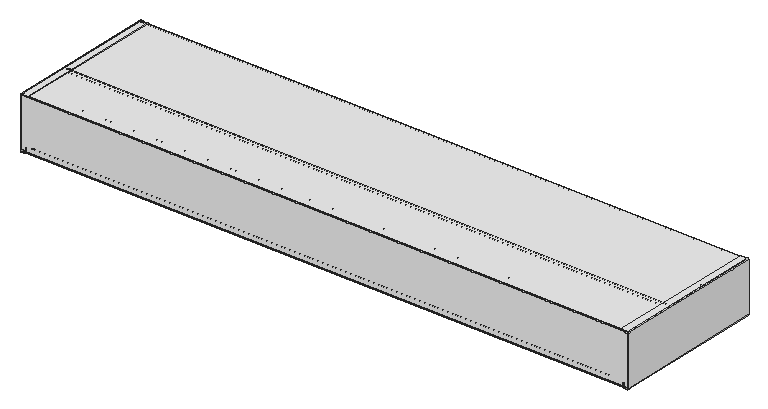
Revit family "LSTF 1x4", category Lighting Fixtures, host Ceiling, Revit 2019
Family settings
  Host = Ceiling
  Round Connector Dimension = Use Diameter
  Part Type = Normal
  OmniClass Number = 23.80.70.11.14.17
  OmniClass Title = Direct/Indirect
  Always vertical = Yes
  Cut with Voids When Loaded = No
  Light Source = Yes
  Shared = No
  Room Calculation Point = No
Parameters (values of type "LSTF1X4-LED840K050LUNV")
  Width = 0' - 11 3/4"
  Wattage = 378 W
  built-in parameter 1150110 = 1 (stored number, unit not read)
  Voltage = 120 V
  URL = "https://www.viscor.com/en/products/lstf"
  built-in parameter 1114217 = 0.9 (stored number, unit not read)
  Tilt Angle = 90.00°
  built-in parameter 1150109 = 1 (stored number, unit not read)
  built-in parameter 1150134 = 12
  built-in parameter 1150113 = 1 (stored number, unit not read)
  Reflector Width = Width / 2  # 0' - 5 7/8"
  Photometric Web File = "LSTF1X4-LED840K050LUNV.IES"
  Model = "LSTF"  # constant formula
  Manufacturer = "VISIONEERING by VISCOR"  # constant formula
  Lumens = 53298 lm
  built-in parameter 1150115 = 1 (stored number, unit not read)
  built-in parameter 1150105 = 4241.3 (stored number, unit not read)
  built-in parameter 1150137 = (empty or 0)
  built-in parameter 1150139 = (empty or 0)
  Lens Finish = Acrylic - Viscor - Frosted Ribbed Linear Extruded
  Length = 3' - 11 3/4"
  Lamp Wattage = 37 VA
  built-in parameter 1150112 = 1 (stored number, unit not read)
  built-in parameter 1150114 = 1 (stored number, unit not read)
  Lamp = "LED"  # constant formula
  built-in parameter 1150132 = (empty or 0)
  built-in parameter 1150102 = (empty or 0)
  built-in parameter 1150138 = (empty or 0)
  built-in parameter 1150107 = 4000 (stored number, unit not read)
  built-in parameter 1150106 = 42.413 (stored number, unit not read)
  Housing Finish = Metal - Viscor - White
  Emit from Rectangle Width = Width  # 0' - 11 3/4"
  Emit from Rectangle Length = Length  # 3' - 11 3/4"
  Emit Shape Visible in Rendering = no
  built-in parameter 1150104 = 13.099 (stored number, unit not read)
  Dimming Lamp Color Temperature Shift = <None>
  Description = "LED Surface Type F"  # constant formula
  Color Filter = 16777215
  built-in parameter 1114218 = 1 (stored number, unit not read)
  built-in parameter 1150133 = 10 (stored number, unit not read)
  Assembly Code = "D5020200"
  Apparent Load = Lamp Wattage  # 37 VA
Types (3): name | Wattage | Photometric Web File | Lumens | built-in parameter 1150105 | Lamp Wattage | built-in parameter 1150106 | built-in parameter 1150104 | Apparent Load
  (no name) | 378 W | "LSTF1X4-LED840K050LUNV.IES" | 53298 lm | 4241.3 (stored number, unit not read) | 37 VA | 42.413 (stored number, unit not read) | 13.099 (stored number, unit not read) | 37 VA
  LSTF1x4-LED840K038LUNV | 28 W | "LSTF1X4-LED840K038LUNV.IES" | 3836 lm | 305.26 (stored number, unit not read) | 28 VA | 3.0526 (stored number, unit not read) | 12.728 (stored number, unit not read) | 28 VA
  LSTF1X4-LED840K050LUNV | 378 W | "LSTF1X4-LED840K050LUNV.IES" | 53298 lm | 4241.3 (stored number, unit not read) | 37 VA | 42.413 (stored number, unit not read) | 13.099 (stored number, unit not read) | 37 VA
Reference planes (in)
  plane 1 "Light Source Axis (F/B)": y = 0
  plane 2 "Ceiling": z = 96
  plane 3 "Light Source Axis (L/R)": x = 0
  plane 4 "Light Source Elevation": z = 91.71875
  plane 5: y = 5.875
  plane 6: y = -5.875
  plane 7: x = -23.875
  plane 8: x = 23.875
  plane 9: x = -23.8125
  plane 10: x = 23.8125
  plane 11 "FixtureHeight": z = 91.845
  plane 12: x = -23.625
  plane 13: x = 23.625
  plane 14: y = 5.438
  plane 15: y = -5.438
  plane 16: x = -23.438
  plane 17: x = 23.438
Forms (in)
  Extrusion 1, solid, material "Metal - Viscor - White" <- "Housing Finish"
    sketch origin (0, 0, 0) x (1, 0, 0) y (0, 0, 1)
      loop
        line (-23.806, 91.845) -> (-23.507, 91.845)
        arc (-23.507, 91.845) -> (-23.45821, 91.86521) -> (-23.438, 91.914) r 0.069
        line (-23.438, 91.914) -> (-23.438, 92.189) -> (-23.46925, 92.189) -> (-23.46925, 91.914)
        arc (-23.46925, 91.914) -> (-23.48031, 91.88731) -> (-23.507, 91.87625) r 0.03775
        line (-23.507, 91.87625) -> (-23.806, 91.87625)
        arc (-23.806, 91.87625) -> (-23.83269, 91.88731) -> (-23.84375, 91.914) r 0.03775
        line (-23.84375, 91.914) -> (-23.84375, 95.838)
        arc (-23.84375, 95.838) -> (-23.83269, 95.86469) -> (-23.806, 95.87575) r 0.03775
        line (-23.806, 95.87575) -> (-23.25, 95.87575) -> (-23.25, 95.907) -> (-23.806, 95.907)
        arc (-23.806, 95.907) -> (-23.85479, 95.88679) -> (-23.875, 95.838) r 0.069
        line (-23.875, 95.838) -> (-23.875, 91.914)
        arc (-23.875, 91.914) -> (-23.85479, 91.86521) -> (-23.806, 91.845) r 0.069
    from -5.875 to 5.875
  Extrusion 2, solid, material "Metal - Viscor - White" <- "Housing Finish"
    sketch origin (0, 0, 0) x (-1, 0, 0) y (0, 0, -1)
      loop
        arc (-23.806, -91.845) -> (-23.85479, -91.86521) -> (-23.875, -91.914) r 0.069
        line (-23.875, -91.914) -> (-23.875, -95.838)
        arc (-23.875, -95.838) -> (-23.85479, -95.88679) -> (-23.806, -95.907) r 0.069
        line (-23.806, -95.907) -> (-23.25, -95.907) -> (-23.25, -95.87575) -> (-23.806, -95.87575)
        arc (-23.806, -95.87575) -> (-23.83269, -95.86469) -> (-23.84375, -95.838) r 0.03775
        line (-23.84375, -95.838) -> (-23.84375, -91.914)
        arc (-23.84375, -91.914) -> (-23.83269, -91.88731) -> (-23.806, -91.87625) r 0.03775
        line (-23.806, -91.87625) -> (-23.507, -91.87625)
        arc (-23.507, -91.87625) -> (-23.48031, -91.88731) -> (-23.46925, -91.914) r 0.03775
        line (-23.46925, -91.914) -> (-23.46925, -92.189) -> (-23.438, -92.189) -> (-23.438, -91.914)
        arc (-23.438, -91.914) -> (-23.45821, -91.86521) -> (-23.507, -91.845) r 0.069
        line (-23.507, -91.845) -> (-23.806, -91.845)
    from -5.875 to 5.875
  Extrusion 3, solid, material "Metal - Viscor - White" <- "Housing Finish"
    sketch origin (0, 0, 0) x (0, 1, 0) y (0, 0, 1)
      loop
        line (5.50687, 91.875) -> (5.80687, 91.875)
        arc (5.80687, 91.875) -> (5.85163, 91.89149) -> (5.875, 91.93306) r 0.069
        line (5.875, 91.93306) -> (5.875, 95.81694)
        arc (5.875, 95.81694) -> (5.85163, 95.85851) -> (5.80687, 95.875) r 0.069
        line (5.80687, 95.875) -> (-5.80513, 95.875)
        arc (-5.80513, 95.875) -> (-5.85392, 95.85479) -> (-5.87413, 95.806) r 0.069
        line (-5.87413, 95.806) -> (-5.875, 91.944)
        arc (-5.875, 91.944) -> (-5.85392, 91.89521) -> (-5.80513, 91.875) r 0.069
        line (-5.80513, 91.875) -> (-5.50513, 91.875)
        arc (-5.50513, 91.875) -> (-5.45634, 91.89521) -> (-5.43613, 91.944) r 0.069
        line (-5.43613, 91.944) -> (-5.43613, 92.616)
        arc (-5.43613, 92.616) -> (-5.4247, 92.64358) -> (-5.39713, 92.655) r 0.039
        line (-5.39713, 92.655) -> (-4.85013, 92.655) -> (-4.85013, 92.68625) -> (-5.39713, 92.68625)
        arc (-5.39713, 92.68625) -> (-5.4468, 92.66567) -> (-5.46738, 92.616) r 0.07025
        line (-5.46738, 92.616) -> (-5.46738, 91.944)
        arc (-5.46738, 91.944) -> (-5.47843, 91.91731) -> (-5.50513, 91.90625) r 0.03775
        line (-5.50513, 91.90625) -> (-5.80513, 91.90625)
        arc (-5.80513, 91.90625) -> (-5.83182, 91.91731) -> (-5.84288, 91.944) r 0.03775
        line (-5.84288, 91.944) -> (-5.84375, 95.80595)
        arc (-5.84375, 95.80595) -> (-5.83179, 95.83261) -> (-5.80513, 95.84365) r 0.0377
        line (-5.80513, 95.84365) -> (5.80666, 95.84365)
        arc (5.80666, 95.84365) -> (5.83318, 95.83267) -> (5.84417, 95.80615) r 0.0375
        line (5.84417, 95.80615) -> (5.84417, 91.94985)
        arc (5.84417, 91.94985) -> (5.83556, 91.91946) -> (5.80687, 91.90625) r 0.03775
        line (5.80687, 91.90625) -> (5.50687, 91.90625)
        arc (5.50687, 91.90625) -> (5.48018, 91.91731) -> (5.46912, 91.944) r 0.03775
        line (5.46912, 91.944) -> (5.46912, 92.616)
        arc (5.46912, 92.616) -> (5.44855, 92.66567) -> (5.39887, 92.68625) r 0.07025
        line (5.39887, 92.68625) -> (4.85188, 92.68625) -> (4.85188, 92.655) -> (5.39887, 92.655)
        arc (5.39887, 92.655) -> (5.42645, 92.64358) -> (5.43787, 92.616) r 0.039
        line (5.43787, 92.616) -> (5.43787, 91.944)
        arc (5.43787, 91.944) -> (5.45808, 91.89521) -> (5.50687, 91.875) r 0.069
    from -23.8125 to 23.8125
  Extrusion 4, solid, material "Metal - Viscor - White" <- "Housing Finish"
    sketch origin (0, 0, 0) x (0, 1, 0) y (0, 0, 1)
      loop
        line (1.93837, 95.845) -> (1.60237, 95.845)
        arc (1.60237, 95.845) -> (1.55358, 95.82479) -> (1.53337, 95.776) r 0.069
        line (1.53337, 95.776) -> (1.53337, 94.509)
        arc (1.53337, 94.509) -> (1.52195, 94.48142) -> (1.49437, 94.47) r 0.039
        line (1.49437, 94.47) -> (-1.49263, 94.47)
        arc (-1.49263, 94.47) -> (-1.5202, 94.48142) -> (-1.53163, 94.509) r 0.039
        line (-1.53163, 94.509) -> (-1.53163, 95.776)
        arc (-1.53163, 95.776) -> (-1.55184, 95.82479) -> (-1.60063, 95.845) r 0.069
        line (-1.60063, 95.845) -> (-1.93663, 95.845) -> (-1.93663, 95.81375) -> (-1.60063, 95.81375)
        arc (-1.60063, 95.81375) -> (-1.57393, 95.80269) -> (-1.56288, 95.776) r 0.03775
        line (-1.56288, 95.776) -> (-1.56288, 94.509)
        arc (-1.56288, 94.509) -> (-1.5423, 94.45933) -> (-1.49263, 94.43875) r 0.07025
        line (-1.49263, 94.43875) -> (1.49437, 94.43875)
        arc (1.49437, 94.43875) -> (1.54405, 94.45933) -> (1.56462, 94.509) r 0.07025
        line (1.56462, 94.509) -> (1.56462, 95.776)
        arc (1.56462, 95.776) -> (1.57568, 95.80269) -> (1.60237, 95.81375) r 0.03775
        line (1.60237, 95.81375) -> (1.93837, 95.81375) -> (1.93837, 95.845)
    from -23.625 to 23.625
  Extrusion 5, solid, material "Metal - Viscor - White" <- "Housing Finish"
    sketch origin (0, 0, 91.845) x (0, 1, 0) y (-1, 0, 0)
      loop
        line (-5.3755, 23.3755) -> (-5.3755, -23.3755) -> (5.3755, -23.3755) -> (5.3755, 23.3755) -> (-5.3755, 23.3755)
      loop
        line (-4.8755, 22.8755) -> (-4.8755, -22.8755) -> (4.8755, -22.8755) -> (4.8755, 22.8755) -> (-4.8755, 22.8755)
    from 0 to 0.4375
  Extrusion 6, solid, material "Metal - Viscor - White" <- "Housing Finish"
    sketch origin (0, 0, 0) x (0, 1, 0) y (0, 0, 1)
      loop
        line (2.4138, 94.398) -> (1.62587, 94.398) -> (1.62587, 93.898) -> (-1.62413, 93.898) -> (-1.62413, 94.398) -> (-2.41206, 94.398) -> (-4.04209, 93.523) -> (-4.94213, 92.273) -> (-4.94213, 91.898) -> (4.94387, 91.898) -> (4.94387, 92.273) -> (4.04383, 93.523) -> (2.4138, 94.398)
    from -23.625 to -23.438
  Extrusion 7, solid, material "Metal - Viscor - White" <- "Housing Finish"
    sketch origin (0, 0, 0) x (0, 1, 0) y (0, 0, -1)
      loop
        line (2.4138, -94.398) -> (4.04383, -93.523) -> (4.94387, -92.273) -> (4.94387, -91.898) -> (-4.94213, -91.898) -> (-4.94213, -92.273) -> (-4.04209, -93.523) -> (-2.41206, -94.398) -> (-1.62413, -94.398) -> (-1.62413, -93.898) -> (1.62587, -93.898) -> (1.62587, -94.398) -> (2.4138, -94.398)
    from -23.625 to -23.438
  Extrusion 8, solid, material "Metal - Viscor - White" <- "Housing Finish"
    sketch origin (0, 0, 0) x (0, 1, 0) y (0, 0, 1)
      loop
        arc (5.27987, 91.875) -> (5.32371, 91.89316) -> (5.34187, 91.937) r 0.062
        line (5.34187, 91.937) -> (5.34187, 92.501)
        arc (5.34187, 92.501) -> (5.32371, 92.54484) -> (5.27987, 92.563) r 0.062
        line (5.27987, 92.563) -> (5.09187, 92.563) -> (5.09187, 92.53175) -> (5.27987, 92.53175)
        arc (5.27987, 92.53175) -> (5.30162, 92.52274) -> (5.31062, 92.501) r 0.03075
        line (5.31062, 92.501) -> (5.31062, 91.937)
        arc (5.31062, 91.937) -> (5.30162, 91.91526) -> (5.27987, 91.90625) r 0.03075
        line (5.27987, 91.90625) -> (4.85845, 91.90625) -> (4.58736, 92.30651)
        arc (4.58736, 92.30651) -> (3.78808, 93.12464) -> (2.75338, 93.61204) r 3.22232
        line (2.75338, 93.61204) -> (2.60873, 93.65079) -> (2.27041, 93.74144)
        arc (2.27041, 93.74144) -> (2.24789, 93.76713) -> (2.263, 93.79778) r 0.03075
        line (2.263, 93.79778) -> (2.47848, 93.92219)
        arc (2.47848, 93.92219) -> (2.51121, 93.96484) -> (2.50419, 94.01815) r 0.07025
        line (2.50419, 94.01815) -> (2.35069, 94.28402) -> (2.32363, 94.26839) -> (2.47713, 94.00252)
        arc (2.47713, 94.00252) -> (2.48103, 93.97293) -> (2.46286, 93.94925) r 0.039
        line (2.46286, 93.94925) -> (2.24737, 93.82484)
        arc (2.24737, 93.82484) -> (2.2169, 93.76305) -> (2.26233, 93.71126) r 0.062
        line (2.26233, 93.71126) -> (2.60064, 93.62061) -> (2.74529, 93.58185)
        arc (2.74529, 93.58185) -> (3.76996, 93.09918) -> (4.56148, 92.28898) r 3.19107
        line (4.56148, 92.28898) -> (4.82343, 91.90223)
        arc (4.82343, 91.90223) -> (4.84571, 91.88223) -> (4.87476, 91.875) r 0.062
        line (4.87476, 91.875) -> (5.27987, 91.875)
    from -23.438 to 23.438
  Extrusion 9, solid, material "Metal - Viscor - White" <- "Housing Finish"
    sketch origin (0, 0, 0) x (0, -1, 0) y (0, 0, -1)
      loop
        line (5.27987, -91.875) -> (4.87476, -91.875)
        arc (4.87476, -91.875) -> (4.84571, -91.88223) -> (4.82343, -91.90223) r 0.062
        line (4.82343, -91.90223) -> (4.56148, -92.28898)
        arc (4.56148, -92.28898) -> (3.76996, -93.09918) -> (2.74529, -93.58185) r 3.19107
        line (2.74529, -93.58185) -> (2.60064, -93.62061) -> (2.26233, -93.71126)
        arc (2.26233, -93.71126) -> (2.2169, -93.76305) -> (2.24737, -93.82484) r 0.062
        line (2.24737, -93.82484) -> (2.46286, -93.94925)
        arc (2.46286, -93.94925) -> (2.48103, -93.97293) -> (2.47713, -94.00252) r 0.039
        line (2.47713, -94.00252) -> (2.32363, -94.26839) -> (2.35069, -94.28402) -> (2.50419, -94.01815)
        arc (2.50419, -94.01815) -> (2.51121, -93.96484) -> (2.47848, -93.92219) r 0.07025
        line (2.47848, -93.92219) -> (2.263, -93.79778)
        arc (2.263, -93.79778) -> (2.24789, -93.76713) -> (2.27041, -93.74144) r 0.03075
        line (2.27041, -93.74144) -> (2.60873, -93.65079) -> (2.75338, -93.61204)
        arc (2.75338, -93.61204) -> (3.78808, -93.12464) -> (4.58736, -92.30651) r 3.22232
        line (4.58736, -92.30651) -> (4.85845, -91.90625) -> (5.27987, -91.90625)
        arc (5.27987, -91.90625) -> (5.30162, -91.91526) -> (5.31062, -91.937) r 0.03075
        line (5.31062, -91.937) -> (5.31062, -92.501)
        arc (5.31062, -92.501) -> (5.30162, -92.52274) -> (5.27987, -92.53175) r 0.03075
        line (5.27987, -92.53175) -> (5.09187, -92.53175) -> (5.09187, -92.563) -> (5.27987, -92.563)
        arc (5.27987, -92.563) -> (5.32371, -92.54484) -> (5.34187, -92.501) r 0.062
        line (5.34187, -92.501) -> (5.34187, -91.937)
        arc (5.34187, -91.937) -> (5.32371, -91.89316) -> (5.27987, -91.875) r 0.062
    from -23.438 to 23.438
  Extrusion 10, solid, material "Acrylic - Viscor - Frosted Ribbed Linear Extruded" <- "Lens Finish"
    sketch origin (0, 0, 0) x (0, 1, 0) y (0, 0, 1)
      loop
        arc (3.03119, 93.05207) -> (2.96284, 93.0122) -> (2.89397, 92.97322) r 6.04712
        line (2.89397, 92.97322) -> (2.51971, 93.71341) -> (2.27583, 93.73104)
        arc (2.27583, 93.73104) -> (2.21547, 93.7759) -> (2.23059, 93.84957) r 0.07
        line (2.23059, 93.84957) -> (2.36975, 93.99322)
        arc (2.36975, 93.99322) -> (2.36907, 94.03564) -> (2.32665, 94.03496) r 0.03
        line (2.32665, 94.03496) -> (2.1875, 93.89131)
        arc (2.1875, 93.89131) -> (2.15942, 93.75451) -> (2.2715, 93.6712) r 0.13
        line (2.2715, 93.6712) -> (2.48382, 93.65585) -> (2.84309, 92.9453)
        arc (2.84309, 92.9453) -> (0.00087, 92.236) -> (-2.84135, 92.9453) r 6.04912
        line (-2.84135, 92.9453) -> (-2.48208, 93.65585) -> (-2.26975, 93.6712)
        arc (-2.26975, 93.6712) -> (-2.15767, 93.75451) -> (-2.18575, 93.89131) r 0.13
        line (-2.18575, 93.89131) -> (-2.32491, 94.03496)
        arc (-2.32491, 94.03496) -> (-2.36733, 94.03564) -> (-2.368, 93.99322) r 0.03
        line (-2.368, 93.99322) -> (-2.22885, 93.84957)
        arc (-2.22885, 93.84957) -> (-2.21373, 93.7759) -> (-2.27408, 93.73104) r 0.07
        line (-2.27408, 93.73104) -> (-2.51797, 93.71341) -> (-2.89222, 92.97322)
        arc (-2.89222, 92.97322) -> (-2.96109, 93.0122) -> (-3.02945, 93.05207) r 6.04712
        arc (-3.02945, 93.05207) -> (-3.07062, 93.04141) -> (-3.05977, 93.00029) r 0.03
        arc (-3.05977, 93.00029) -> (0.00087, 92.178) -> (3.06151, 93.00029) r 6.10712
        arc (3.06151, 93.00029) -> (3.07236, 93.04141) -> (3.03119, 93.05207) r 0.03
    from -23.438 to 23.438
Dimensions and locks (in)
  equal spacing: host sketch curve, plane 3 "Light Source Axis (L/R)", host sketch curve
  equal spacing: host sketch curve, plane 1 "Light Source Axis (F/B)", host sketch curve
  host sketch curve to host sketch curve = 10' - 0"  (x2)
  equal spacing: plane 7, plane 3 "Light Source Axis (L/R)", plane 8
  "Length": plane 7 to plane 8
  equal spacing: plane 5, plane 1 "Light Source Axis (F/B)", plane 6
  "Width": plane 5 to plane 6
  plane 4 "Light Source Elevation" to plane 2 "Ceiling" = 0' - 4 9/32"
  locked: plane 7 to plane 9 at 0.0625
  locked: plane 10 to plane 8 at 0.0625
  locked: plane 2 "Ceiling" to plane 11 "FixtureHeight" at 4.155
  locked: plane 7 to plane 12 at 0.25
  locked: plane 13 to plane 8 at 0.25
  locked: plane 5 to plane 14 at 0.437
  plane 6 to plane 15 to Extrusion 4 = 0' - 0.437", 0' - 3.50137"
  locked: plane 15 to plane 6 at 0.437
  plane 7 to plane 16 to plane 3 "Light Source Axis (L/R)" = 0' - 0.437", 1' - 11.438"
  locked: plane 7 to plane 16 at 0.437
  locked: plane 17 to plane 8 at 0.437
  aligned and locked: plane 3 "Light Source Axis (L/R)" to imposter light
  aligned and locked: plane 1 "Light Source Axis (F/B)" to imposter light
  aligned and locked: plane 4 "Light Source Elevation" to imposter light
  aligned and locked: plane 5 to Extrusion 1
  aligned and locked: Extrusion 1 to plane 6
  aligned and locked: plane 5 to Extrusion 2
  aligned and locked: Extrusion 2 to plane 6
  aligned and locked: Extrusion 3 to plane 9
  aligned and locked: plane 10 to Extrusion 3
  aligned and locked: Extrusion 4 to plane 12
  aligned and locked: plane 13 to Extrusion 4
  aligned and locked: Extrusion 6 to plane 12
  aligned and locked: plane 16 to Extrusion 6
  aligned and locked: plane 13 to Extrusion 7
  aligned and locked: Extrusion 7 to plane 17
  aligned and locked: Extrusion 8 to plane 16
  aligned and locked: plane 17 to Extrusion 8
  aligned and locked: Extrusion 9 to plane 16
  aligned and locked: plane 17 to Extrusion 9
  aligned and locked: plane 17 to Extrusion 10
  aligned and locked: Extrusion 10 to plane 16
Automatic sketch dimensions
  Extrusion 1 sketch curve to Extrusion 1 sketch curve = 0' - 0"  (x6)
  Extrusion 1 sketch curve to plane 7 = 0' - 0"
  Extrusion 1 sketch curve to plane 11 "FixtureHeight" = 0' - 0"
  Extrusion 1 sketch curve to plane 16 = 0' - 0"
  plane 7 to Extrusion 1 sketch curve = 0' - 0 1/32"
  plane 9 to Extrusion 1 sketch curve = 0' - 0.0065"  (x2)
  Extrusion 1 sketch curve to Extrusion 1 sketch curve = 0' - 0.03775"
  plane 16 to Extrusion 1 sketch curve = 0' - 0.188"
  Extrusion 1 sketch curve to Extrusion 1 sketch curve = 0' - 0.275"
  Extrusion 1 sketch curve to plane 2 "Ceiling" = 0' - 0.162"
  Extrusion 2 sketch curve to Extrusion 2 sketch curve = 0' - 0"  (x6)
  Extrusion 2 sketch curve to plane 8 = 0' - 0"
  Extrusion 2 sketch curve to plane 11 "FixtureHeight" = 0' - 0"
  Extrusion 2 sketch curve to plane 17 = 0' - 0"
  plane 8 to Extrusion 2 sketch curve = 0' - 0 1/32"
  plane 10 to Extrusion 2 sketch curve = 0' - 0.0065"  (x2)
  Extrusion 2 sketch curve to Extrusion 2 sketch curve = 0' - 0.03775"
  plane 17 to Extrusion 2 sketch curve = 0' - 0.188"
  Extrusion 2 sketch curve to Extrusion 2 sketch curve = 0' - 0.275"
  plane 2 "Ceiling" to Extrusion 2 sketch curve = 0' - 0.162"
  Extrusion 3 sketch curve to Extrusion 3 sketch curve = 0' - 0"  (x17)
  Extrusion 3 sketch curve to plane 6 = 0' - 0"
  Extrusion 3 sketch curve to plane 5 = 0' - 0"
  plane 6 to Extrusion 3 sketch curve = 0' - 0.06987"
  Extrusion 3 sketch curve to Extrusion 3 sketch curve = 0' - 0.06987"
  plane 11 "FixtureHeight" to Extrusion 3 sketch curve = 0' - 0.03"  (x2)
  Extrusion 3 sketch curve to plane 15 = 0' - 0.06713"
  Extrusion 3 sketch curve to plane 15 = 0' - 0.02938"
  plane 15 to Extrusion 3 sketch curve = 0' - 0.00187"
  Extrusion 3 sketch curve to Extrusion 3 sketch curve = 0' - 0.039"
  Extrusion 3 sketch curve to Extrusion 3 sketch curve = 0' - 0.54699"
  Extrusion 3 sketch curve to plane 14 = 0' - 0.58612"
  Extrusion 3 sketch curve to plane 14 = 0' - 0.03913"
  Extrusion 3 sketch curve to plane 14 = 0' - 0.00013"
  plane 14 to Extrusion 3 sketch curve = 0' - 0.03112"
  Extrusion 3 sketch curve to Extrusion 3 sketch curve = 0' - 0.03775"  (x2)
  Extrusion 3 sketch curve to plane 5 = 0' - 0.06834"
  Extrusion 3 sketch curve to plane 5 = 0' - 0.06813"
  Extrusion 3 sketch curve to Extrusion 3 sketch curve = 0' - 0.00021"
  Extrusion 3 sketch curve to plane 5 = 0' - 0.03083"
  Extrusion 3 sketch curve to Extrusion 3 sketch curve = 0' - 0.02681"
  Extrusion 3 sketch curve to Extrusion 3 sketch curve = 0' - 0.672"  (x2)
  Extrusion 3 sketch curve to plane 2 "Ceiling" = 0' - 0.19405"
  Extrusion 3 sketch curve to plane 2 "Ceiling" = 0' - 0.194"
  Extrusion 3 sketch curve to Extrusion 3 sketch curve = 0' - 0.00005"
  Extrusion 3 sketch curve to Extrusion 3 sketch curve = 0' - 0.00015"
  Extrusion 3 sketch curve to Extrusion 3 sketch curve = 0' - 0.01079"
  Extrusion 3 sketch curve to Extrusion 3 sketch curve = 0' - 0.00092"
  Extrusion 4 sketch curve to Extrusion 4 sketch curve = 0' - 0"  (x8)
  Extrusion 4 sketch curve to plane 2 "Ceiling" = 0' - 0.155"
  plane 1 "Light Source Axis (F/B)" to Extrusion 4 sketch curve = 0' - 1.93663"
  Extrusion 4 sketch curve to Extrusion 4 sketch curve = 0' - 0.336"  (x2)
  Extrusion 4 sketch curve to Extrusion 4 sketch curve = 0' - 0.03775"  (x2)
  Extrusion 4 sketch curve to Extrusion 4 sketch curve = 0' - 0 1/32"
  Extrusion 4 sketch curve to Extrusion 4 sketch curve = 0' - 0.039"  (x2)
  Extrusion 4 sketch curve to plane 1 "Light Source Axis (F/B)" = 0' - 1.49437"
  Extrusion 4 sketch curve to plane 2 "Ceiling" = 0' - 0.224"
  Extrusion 4 sketch curve to Extrusion 4 sketch curve = 0' - 1.267"
  plane 15 to Extrusion 5 sketch curve = 0' - 0 1/16"
  plane 15 to Extrusion 5 sketch curve = 0' - 0 9/16"
  Extrusion 5 sketch curve to plane 14 = 0' - 0 9/16"
  Extrusion 5 sketch curve to plane 14 = 0' - 0 1/16"
  Extrusion 5 sketch curve to plane 17 = 0' - 0 1/16"
  Extrusion 5 sketch curve to plane 17 = 0' - 0 9/16"
  plane 16 to Extrusion 5 sketch curve = 0' - 0 9/16"
  plane 16 to Extrusion 5 sketch curve = 0' - 0 1/16"
  plane 11 "FixtureHeight" to Extrusion 6 sketch curve = 0' - 0.053"
  plane 15 to Extrusion 6 sketch curve = 0' - 0.49587"
  plane 15 to Extrusion 6 sketch curve = 0' - 1.39591"
  Extrusion 6 sketch curve to Extrusion 6 sketch curve = 0' - 1.63003"
  Extrusion 6 sketch curve to Extrusion 6 sketch curve = 0' - 0.78793"  (x2)
  Extrusion 6 sketch curve to plane 1 "Light Source Axis (F/B)" = 0' - 1.62587"
  Extrusion 6 sketch curve to plane 14 = 0' - 1.39417"
  Extrusion 6 sketch curve to plane 14 = 0' - 0.49413"
  Extrusion 6 sketch curve to Extrusion 6 sketch curve = 0' - 0 3/8"  (x2)
  Extrusion 6 sketch curve to Extrusion 6 sketch curve = 0' - 1 1/4"  (x2)
  plane 11 "FixtureHeight" to Extrusion 6 sketch curve = 0' - 2.053"
  Extrusion 6 sketch curve to Extrusion 6 sketch curve = 0' - 0 1/2"  (x2)
  plane 11 "FixtureHeight" to Extrusion 7 sketch curve = 0' - 0.053"
  plane 15 to Extrusion 7 sketch curve = 0' - 0.49587"
  plane 15 to Extrusion 7 sketch curve = 0' - 1.39591"
  Extrusion 7 sketch curve to Extrusion 7 sketch curve = 0' - 1.63003"
  Extrusion 7 sketch curve to Extrusion 7 sketch curve = 0' - 0.78793"  (x2)
  Extrusion 7 sketch curve to plane 1 "Light Source Axis (F/B)" = 0' - 1.62587"
  Extrusion 7 sketch curve to plane 14 = 0' - 1.39417"
  Extrusion 7 sketch curve to plane 14 = 0' - 0.49413"
  Extrusion 7 sketch curve to Extrusion 7 sketch curve = 0' - 0 3/8"  (x2)
  Extrusion 7 sketch curve to Extrusion 7 sketch curve = 0' - 1 1/4"  (x2)
  plane 11 "FixtureHeight" to Extrusion 7 sketch curve = 0' - 2.053"
  Extrusion 7 sketch curve to Extrusion 7 sketch curve = 0' - 0 1/2"  (x2)
  Extrusion 8 sketch curve to Extrusion 8 sketch curve = 0' - 0"  (x10)
  Extrusion 8 sketch curve to plane 1 "Light Source Axis (F/B)" = 0' - 1.91938"
  Extrusion 8 sketch curve to plane 1 "Light Source Axis (F/B)" = 0' - 2.24737"
  Extrusion 8 sketch curve to Extrusion 8 sketch curve = 0' - 0.01495"
  Extrusion 8 sketch curve to Extrusion 8 sketch curve = 0' - 0 1/64"  (x2)
  Extrusion 8 sketch curve to Extrusion 8 sketch curve = 0' - 0.00809"  (x3)
  Extrusion 8 sketch curve to Extrusion 8 sketch curve = 0' - 0.00796"
  Extrusion 8 sketch curve to Extrusion 8 sketch curve = 0' - 0.07626"
  Extrusion 8 sketch curve to Extrusion 8 sketch curve = 0' - 0.02706"  (x2)
  Extrusion 8 sketch curve to Extrusion 8 sketch curve = 0' - 0.19598"
  Extrusion 8 sketch curve to Extrusion 8 sketch curve = 0' - 0.0195"
  Extrusion 8 sketch curve to plane 2 "Ceiling" = 0' - 1.99748"
  Extrusion 8 sketch curve to Extrusion 8 sketch curve = 0' - 0.03377"
  Extrusion 8 sketch curve to plane 2 "Ceiling" = 0' - 1.98185"
  Extrusion 8 sketch curve to Extrusion 8 sketch curve = 0' - 0.12216"
  plane 11 "FixtureHeight" to Extrusion 8 sketch curve = 0' - 1.73685"
  Extrusion 8 sketch curve to Extrusion 8 sketch curve = 0' - 0.14465"
  plane 11 "FixtureHeight" to Extrusion 8 sketch curve = 0' - 1.76704"
  plane 11 "FixtureHeight" to Extrusion 8 sketch curve = 0' - 0.44398"
  Extrusion 8 sketch curve to plane 14 = 0' - 0.87652"
  plane 11 "FixtureHeight" to Extrusion 8 sketch curve = 0' - 0.46151"
  plane 11 "FixtureHeight" to Extrusion 8 sketch curve = 0' - 0.05723"
  Extrusion 8 sketch curve to Extrusion 8 sketch curve = 0' - 0.26194"
  Extrusion 8 sketch curve to Extrusion 8 sketch curve = 0' - 0.03502"
  Extrusion 8 sketch curve to Extrusion 8 sketch curve = 0' - 0.01631"
  Extrusion 8 sketch curve to plane 14 = 0' - 0.34613"
  Extrusion 8 sketch curve to plane 14 = 0' - 0.15813"  (x2)
  Extrusion 8 sketch curve to Extrusion 8 sketch curve = 0' - 0.03075"
  Extrusion 8 sketch curve to Extrusion 8 sketch curve = 0' - 0 1/32"
  plane 11 "FixtureHeight" to Extrusion 8 sketch curve = 0' - 0.03"
  Extrusion 8 sketch curve to Extrusion 8 sketch curve = 0' - 0.564"
  Extrusion 8 sketch curve to Extrusion 8 sketch curve = 0' - 0.03876"
  Extrusion 8 sketch curve to Extrusion 8 sketch curve = 0' - 0.03019"  (x2)
  Extrusion 8 sketch curve to Extrusion 8 sketch curve = 0' - 0.09065"
  Extrusion 8 sketch curve to Extrusion 8 sketch curve = 0' - 0.0297"
  Extrusion 8 sketch curve to Extrusion 8 sketch curve = 0' - 0.08034"
  Extrusion 9 sketch curve to Extrusion 9 sketch curve = 0' - 0"  (x10)
  Extrusion 9 sketch curve to plane 1 "Light Source Axis (F/B)" = 0' - 1.91938"
  Extrusion 9 sketch curve to plane 1 "Light Source Axis (F/B)" = 0' - 2.24737"
  Extrusion 9 sketch curve to Extrusion 9 sketch curve = 0' - 0.01495"
  Extrusion 9 sketch curve to Extrusion 9 sketch curve = 0' - 0 1/64"  (x2)
  Extrusion 9 sketch curve to Extrusion 9 sketch curve = 0' - 0.00809"  (x3)
  Extrusion 9 sketch curve to Extrusion 9 sketch curve = 0' - 0.00796"
  Extrusion 9 sketch curve to Extrusion 9 sketch curve = 0' - 0.07626"
  Extrusion 9 sketch curve to Extrusion 9 sketch curve = 0' - 0.02706"  (x2)
  Extrusion 9 sketch curve to Extrusion 9 sketch curve = 0' - 0.19598"
  Extrusion 9 sketch curve to Extrusion 9 sketch curve = 0' - 0.0195"
  plane 2 "Ceiling" to Extrusion 9 sketch curve = 0' - 1.99748"
  Extrusion 9 sketch curve to Extrusion 9 sketch curve = 0' - 0.03377"
  plane 2 "Ceiling" to Extrusion 9 sketch curve = 0' - 1.98185"
  Extrusion 9 sketch curve to Extrusion 9 sketch curve = 0' - 0.12216"
  Extrusion 9 sketch curve to plane 11 "FixtureHeight" = 0' - 1.73685"
  Extrusion 9 sketch curve to Extrusion 9 sketch curve = 0' - 0.14465"
  Extrusion 9 sketch curve to plane 11 "FixtureHeight" = 0' - 1.76704"
  Extrusion 9 sketch curve to plane 11 "FixtureHeight" = 0' - 0.44398"
  Extrusion 9 sketch curve to plane 15 = 0' - 0.87652"
  Extrusion 9 sketch curve to plane 11 "FixtureHeight" = 0' - 0.46151"
  Extrusion 9 sketch curve to plane 11 "FixtureHeight" = 0' - 0.05723"
  Extrusion 9 sketch curve to Extrusion 9 sketch curve = 0' - 0.26194"
  Extrusion 9 sketch curve to Extrusion 9 sketch curve = 0' - 0.03502"
  Extrusion 9 sketch curve to Extrusion 9 sketch curve = 0' - 0.01631"
  Extrusion 9 sketch curve to plane 15 = 0' - 0.34613"
  Extrusion 9 sketch curve to plane 15 = 0' - 0.15813"  (x2)
  Extrusion 9 sketch curve to Extrusion 9 sketch curve = 0' - 0.03075"
  Extrusion 9 sketch curve to Extrusion 9 sketch curve = 0' - 0 1/32"
  Extrusion 9 sketch curve to plane 11 "FixtureHeight" = 0' - 0.03"
  Extrusion 9 sketch curve to Extrusion 9 sketch curve = 0' - 0.564"
  Extrusion 9 sketch curve to Extrusion 9 sketch curve = 0' - 0.03876"
  Extrusion 9 sketch curve to Extrusion 9 sketch curve = 0' - 0.03019"  (x2)
  Extrusion 9 sketch curve to Extrusion 9 sketch curve = 0' - 0.09065"
  Extrusion 9 sketch curve to Extrusion 9 sketch curve = 0' - 0.0297"
  Extrusion 9 sketch curve to Extrusion 9 sketch curve = 0' - 0.08034"
  Extrusion 10 sketch curve to plane 1 "Light Source Axis (F/B)" = 0' - 0.00087"
  plane 11 "FixtureHeight" to Extrusion 10 sketch curve = 0' - 1.18125"
  Extrusion 10 sketch curve to plane 14 = 0' - 2.39152"
  plane 2 "Ceiling" to Extrusion 10 sketch curve = 0' - 2.28512"
  plane 11 "FixtureHeight" to Extrusion 10 sketch curve = 0' - 1.15529"
  plane 15 to Extrusion 10 sketch curve = 0' - 2.37823"
  Extrusion 10 sketch curve to Extrusion 10 sketch curve = 0' - 0.01528"  (x2)
  Extrusion 10 sketch curve to Extrusion 10 sketch curve = 0' - 0"  (x10)
  plane 1 "Light Source Axis (F/B)" to Extrusion 10 sketch curve = 0' - 0.04979"
  Extrusion 10 sketch curve to Extrusion 10 sketch curve = 0' - 0.13723"
  Extrusion 10 sketch curve to Extrusion 10 sketch curve = 0' - 0.37425"  (x2)
  Extrusion 10 sketch curve to Extrusion 10 sketch curve = 0' - 0.74019"  (x2)
  plane 11 "FixtureHeight" to Extrusion 10 sketch curve = 0' - 1.1003"
  Extrusion 10 sketch curve to Extrusion 10 sketch curve = 0' - 0.05088"  (x2)
  Extrusion 10 sketch curve to Extrusion 10 sketch curve = 0' - 0.21842"
  Extrusion 10 sketch curve to Extrusion 10 sketch curve = 0' - 0.03589"  (x2)
  Extrusion 10 sketch curve to Extrusion 10 sketch curve = 0' - 0.05756"  (x2)
  Extrusion 10 sketch curve to Extrusion 10 sketch curve = 0' - 0.208"  (x2)
  Extrusion 10 sketch curve to Extrusion 10 sketch curve = 0' - 0.07519"  (x2)
  Extrusion 10 sketch curve to Extrusion 10 sketch curve = 0' - 0.00433"  (x2)
  Extrusion 10 sketch curve to Extrusion 10 sketch curve = 0' - 0.05984"  (x2)
  Extrusion 10 sketch curve to Extrusion 10 sketch curve = 0' - 0.00505"  (x2)
  Extrusion 10 sketch curve to Extrusion 10 sketch curve = 0' - 0.06982"  (x2)
  Extrusion 10 sketch curve to Extrusion 10 sketch curve = 0' - 0.09337"  (x2)
  Extrusion 10 sketch curve to Extrusion 10 sketch curve = 0' - 0.0431"  (x4)
  Extrusion 10 sketch curve to Extrusion 10 sketch curve = 0' - 0.13915"  (x2)
  Extrusion 10 sketch curve to Extrusion 10 sketch curve = 0' - 0.14365"  (x2)
  Extrusion 10 sketch curve to Extrusion 10 sketch curve = 0' - 0.04175"  (x2)
  Extrusion 10 sketch curve to Extrusion 10 sketch curve = 0' - 0.02155"  (x2)
  Extrusion 10 sketch curve to Extrusion 10 sketch curve = 0' - 0.01503"
  Extrusion 10 sketch curve to plane 1 "Light Source Axis (F/B)" = 0' - 0.05154"
Connectors (in)
  electrical at (0, 0, 91.71875), driven by "Voltage", driven by "Apparent Load"
    settings: index 1, voltage 120 V, apparent load 0 VA, apparent load phase1 37 VA, apparent load phase2 0 VA, apparent load phase3 0 VA, power factor 1, load classification "Other", number of poles 1, system type 31, power factor state 1, is connector primary yes, connector utility no, sub classification motor no, connector description ""
